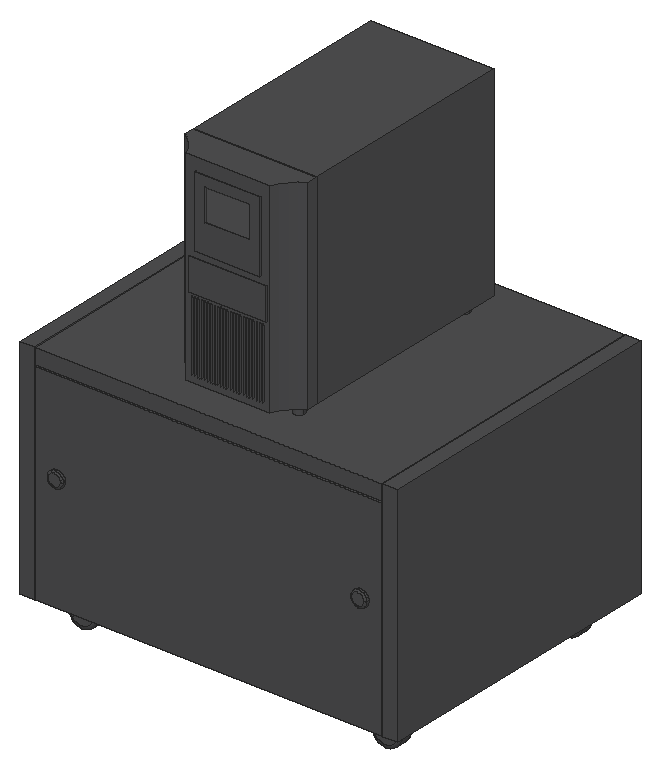
Revit family "Lighting_Emergency&Security_Linergy_Spy-control", category Electrical Fixtures, Revit 2018
Family settings
  Maintain Annotation Orientation = No
  Round Connector Dimension = Use Diameter
  Part Type = Normal
  OmniClass Number = 23.35.31.00
  OmniClass Title = Electrical Power Distribution Devices
  Work Plane-Based = No
  Always vertical = Yes
  Cut with Voids When Loaded = No
  Shared = No
  Room Calculation Point = No
Parameters (values of type "Default - please load Revit Family Type Catalog")
  z_upper unit location SC1811 = if(SC1811, 1620 mm, 860 mm)  # 860 mm
  z_upper unit location = if(SC1801_bottom part, 400 mm, if(SC1803_bottom part, 480 mm, if(SC1806, 860 mm, if(SC1807, 480 mm, 480 mm))))  # 400 mm
  z_upper unit location Y = if(SC1801_bottom part, 0 mm, if(SC1803_bottom part, 0 mm, if(SC1806, 77.5 mm, if(SC1807, 77.5 mm, if(SC1805_upper part, 0 mm, 22.5 mm)))))  # 0 mm
  z_MEP loction = if(or(SC1801_bottom part, SC1803_bottom part, SC1805_upper part), 197.5 mm, 275 mm)  # 197.5 mm
  Wheels material = Linergy - Plastic - Nylon Black
  Voltage = 230 V
  URL - Article page = "https://www.linergy.it/en/article/SC1801/"
  URL = "https://www.linergy.it/en/product/spy-control/"
  Technical description = "https://www.linergy.it/en/product/spy-control/"
  Secondary material = Linergy - Plastic - Nylon Black
  Screen material = Linergy - Plastic - Polycarbonate Transparent high polished
  SC1811 = no
  SC1810_upper part = no
  SC1807 = no
  SC1805_upper part = no
  SC1801_upper part = yes
  SC1803_bottom part = no
  SC1801_bottom part = yes
  QR code = "https://bimobject.com/linergy/product/spy-control"
  Product url = "https://www.linergy.it/en/product/spy-control/"
  Product name = "SPY CONTROL - Centralized system"
  Product group = "Centralized power supply (CPS) and control"
  Product family = "Centralized systems"
  Product data url = "https://bimobject.com/linergy/product/spy-control"
  Product certification = "https://www.linergy.it/en/product/spy-control/"
  Product SKU = "spy-control"
  Product Guid = "b7d6e35e-f043-4996-a94b-c3f62f6cd469"
  Power supply = "230 Vac"
  Power = 800 W
  Output voltage = "230 Vac"
  Output circuits = "3 (NM/M)"
  OmniClass Description = "Electrical Power Distribution Devices"
  OmniClass Code = "23-35 31 00"
  Number of Poles = 1
  Nominal Power = 1000 VA
  Model = "SC1801"
  Material secondary = "Electronic & optical components"
  Material main = "Electrogalvanized"
  Manufacturer name = "Linergy"
  Manufacturer country = "Italy"
  Manufacturer = "Linergy"
  Main material texture = Linergy - Metal - Steel Powder-coated Black RAL 9005 texture 2
  Main material = Linergy - Metal - Steel Powder-coated Black RAL 9005
  Insulation class = "I"
  Installation instructions = "https://www.linergy.it/en/product/spy-control/"
  Installation = "Floor"
  IFC Classification = "Electric Distribution"
  Edition number = 1
  Duration = "1 h"
  Design country = "Italy"
  Description = "Central power systems with control, for emergency installations with self-contained and central battery luminaires."  # constant formula
  Battery = "3 x Pb 12 V"
  BIMobject category = "Emergency & Security"
  Apparent Load Phase 3 = 0 VA
  Apparent Load Phase 2 = 0 VA
  Apparent Load Phase 1 = 0 VA
  Active power = 1000 W
  SC1806 = no
Reference planes
  plane 1 "Center (Front/Back)": y = 0
  plane 2: z = 0
  plane 3 "Center (Left/Right)": x = 0
  plane 4: z = 400
  plane 5: y = 0
  plane 6: y = 25
  plane 7: z = 860
  plane 8: y = 197.5
  plane 9: y = 197.5
  plane 10: y = 182.5
Forms (mm)
  Extrusion 1, solid, not visible
    sketch origin (0, 0, 0) x (1, 0, 0) y (0, 0, 1)
      loop
        line (95, 400) -> (95, 620) -> (-65, 620) -> (-65, 400) -> (95, 400)
    from -197.5 to -182.5
Dimensions and locks
  "z_upper unit location": level to plane 4
  "z_upper unit location Y": plane 1 "Center (Front/Back)" to plane 5
  plane 1 "Center (Front/Back)" to plane 6 = 25 mm
  "z_upper unit location SC1811": plane 7 to level
  "z_MEP loction": plane 9 to plane 1 "Center (Front/Back)"
  locked: plane 9 to plane 10 at 15
  aligned and locked: level to plane 2
  aligned and locked: nested 2 to plane 4
  aligned and locked: plane 5 to nested 2
  aligned and locked: plane 6 to nested 4
  aligned and locked: plane 3 "Center (Left/Right)" to nested 5
  aligned and locked: plane 7 to nested 4
  aligned and locked: plane 3 "Center (Left/Right)" to nested 6
  aligned and locked: plane 3 "Center (Left/Right)" to nested 7
  aligned and locked: plane 1 "Center (Front/Back)" to nested 7
  aligned and locked: plane 1 "Center (Front/Back)" to nested 8
  aligned and locked: plane 3 "Center (Left/Right)" to nested 8
  aligned and locked: plane 3 "Center (Left/Right)" to nested 9
  aligned and locked: plane 1 "Center (Front/Back)" to nested 9
  aligned and locked: plane 3 "Center (Left/Right)" to nested 11
  aligned and locked: plane 1 "Center (Front/Back)" to nested 11
  aligned and locked: plane 5 to nested 6
  aligned and locked: plane 3 "Center (Left/Right)" to nested 12
  aligned and locked: plane 4 to Extrusion 1 sketch curve
  aligned and locked: plane 9 to Extrusion 1
  aligned and locked: Extrusion 1 to plane 10
Automatic sketch dimensions
  Extrusion 1 sketch curve to plane 3 "Center (Left/Right)" = 65 mm
  plane 3 "Center (Left/Right)" to Extrusion 1 sketch curve = 95 mm
  plane 4 to Extrusion 1 sketch curve = 220 mm
Nested families
  nested 1: "Base_1801_1803" at (0, 0, 0), Wheels material <- "Wheels material", Main material <- "Main material", SC1801 <- "SC1801_bottom part", SC1803 <- "SC1803_bottom part", Main material texture <- "Main material texture", type "Base"
    with z_lock location Z 230 mm, z_lock location X 57.5 mm, z_Void location 180 mm, geometry yes, Width 585 mm, Wheels material Linergy - Plastic - Nylon Black, SC1803 no, SC1801 yes, Main material texture Linergy - Metal - Steel Powder-coated Black RAL 9005 texture 2, Main material Linergy - Metal - Steel Powder-coated Black RAL 9005, Height 350 mm, Depth 470 mm
  nested 2: "Upper_1801" at (0, 0, 400), Secondary material <- "Secondary material", Main material <- "Main material", Screen material <- "Screen material", SC1801 <- "SC1801_upper part", type "Upper"
    with Width_upper 190 mm, Secondary material Linergy - Plastic - Nylon Black, Screen material Linergy - Plastic - Polycarbonate Transparent high polished, SC1801 yes, Main material Linergy - Metal - Steel Powder-coated Black RAL 9005, Height_upper 315 mm, Depth_upper 395 mm
  nested 3: "Base_1807" at (0, 0, 0), SC1807 <- "SC1807", Main material <- "Main material", Main material texture <- "Main material texture", Wheels material <- "Wheels material", type "Base_1807"
    with Wheels material Linergy - Plastic - Nylon Black, SC1807 no, Main material texture Linergy - Metal - Steel Powder-coated Black RAL 9005 texture 2, Main material Linergy - Metal - Steel Powder-coated Black RAL 9005
  nested 4: "Upper_1810" at (0, 25, 860), Main material <- "Main material", Screen material <- "Screen material", Secondary material <- "Secondary material", SC1810 <- "SC1810_upper part", type "Upper_1810"
    with Secondary material Linergy - Plastic - Nylon Black, Screen material Linergy - Plastic - Polycarbonate Transparent high polished, SC1810 no, Main material Linergy - Metal - Steel Powder-coated Black RAL 9005
  nested 5: "Base_1811" at (0, 0, 0), Main material <- "Main material", Wheels material <- "Wheels material", SC1811 <- "SC1811", Main material texture <- "Main material texture", type "Base_1811"
    with Wheels material Linergy - Plastic - Nylon Black, SC1811 no, Main material texture Linergy - Metal - Steel Powder-coated Black RAL 9005 texture 2, Main material Linergy - Metal - Steel Powder-coated Black RAL 9005
  nested 6: "Masking region SC1801_upper" at (0, 0, 0), visible <- "SC1801_upper part", type "Family1"
  nested 7: "Masking region SC1801" at (0, 0, 0), visible <- "SC1801_bottom part", type "Family1"
  nested 8: "Masking region SC1803" at (0, 0, 0), visible <- "SC1803_bottom part", type "Family1"
  nested 9: "Masking region SC1807" at (0, 0, 0), visible <- "SC1807", type "Family1"
  nested 10: "Base_1806" at (0, 0, 0), Main material <- "Main material", Main material texture <- "Main material texture", Wheels material <- "Wheels material", SC1806 <- "SC1806", type "Base_1806"
    with Wheels material Linergy - Plastic - Nylon Black, SC1806 no, Main material texture Linergy - Metal - Steel Powder-coated Black RAL 9005 texture 2, Main material Linergy - Metal - Steel Powder-coated Black RAL 9005
  nested 11: "Masking region SC1803" at (0, 0, 0), visible <- "SC1806", type "Family1"
  nested 12: "Upper_1801" at (0, 0, 480), Main material <- "Main material", Screen material <- "Screen material", Secondary material <- "Secondary material", SC1801 <- "SC1805_upper part", type "Upper"
    with Width_upper 190 mm, Secondary material Linergy - Plastic - Nylon Black, Screen material Linergy - Plastic - Polycarbonate Transparent high polished, SC1801 no, Main material Linergy - Metal - Steel Powder-coated Black RAL 9005, Height_upper 315 mm, Depth_upper 395 mm
  nested 13: "Masking region SC1801_upper" at (0, 0, 0), visible <- "SC1805_upper part", type "Family1"
  nested 14: "Masking region SC1803" at (0, 0, 0), visible <- "SC1811", type "Family1"
  nested 15: "Masking region SC1811_upper" at (0, 77.5, 0), type "Family1", not visible
  nested 16: "Masking region SC1811_upper" at (0, 77.5, 0), visible <- "SC1810_upper part", type "Family1"
Connectors
  electrical at (15, 197.5, 510), driven by "Apparent Load Phase 1", driven by "Voltage", driven by "Number of Poles"
    settings: on Extrusion 1, index 1, voltage 230 V, apparent load 0 VA, apparent load phase1 0 VA, apparent load phase2 0 VA, apparent load phase3 0 VA, power factor 1, load classification "Power", number of poles 1, system type 31, power factor state 1, is connector primary yes, connector utility no, sub classification motor no, connector description "Power input"
Definition of nested family "Base_1801_1803"
  Parameters (values of type "Base")
    z_lock location Z [instance] = if(SC1801, 230 mm, 290 mm)  # 230 mm
    z_lock location X [instance] = if(SC1801, 57.5 mm, 105 mm)  # 57.5 mm
    geometry [instance] = if(or((SC1803), (SC1801)), 1 = 1, 1 = 0)  # yes
    Width [instance] = if(SC1801, 585 mm, 770 mm)  # 585 mm
    Wheels material [instance] = none
    z_Void location [instance] = if(SC1801, 180 mm, 190 mm)  # 180 mm
    SC1803 [instance] = no
    SC1801 [instance] = yes
    Main material texture [instance] = none
    Main material [instance] = none
    Height [instance] = if(SC1801, 350 mm, 430 mm)  # 350 mm
    Depth [instance] = if(SC1801, 470 mm, 550 mm)  # 470 mm
  Reference planes
    plane 1 "Center (Front/Back)": y = 0
    plane 2: z = 0
    plane 3 "Center (Left/Right)": x = 0
    plane 4: x = 292.5
    plane 5: x = -292.5
    plane 6: y = 235
    plane 7: z = 50
    plane 8: z = 400
    plane 9: z = 217.5
    plane 10: z = 230
    plane 11: x = -235
    plane 12: y = -187.5
    plane 13: y = -162.5
    plane 14: y = -235
    plane 15: y = -230
    plane 16: z = 180
    plane 17: y = 237
    plane 18: y = -237
    plane 19: y = 232
    plane 20: y = -238
    plane 21: y = -240
    plane 22: y = 187.5
    plane 23: y = 162.5
    plane 24: y = 238
    plane 25: y = 240
    plane 26: x = -235
    plane 27: x = 235
    plane 28: z = 398
    plane 29: x = -270
    plane 30: x = -268
    plane 31: x = 270
    plane 32: x = 268
    plane 33: z = 375.7
    plane 34: z = 373.7
    plane 35: y = -225
    plane 36: y = 225
  Forms (mm)
    Extrusion 1, solid, material <- "Main material", visible <- "geometry", detail levels fine
      sketch origin (0, 0, 0) x (1, 0, 0) y (0, 0, 1)
        loop
          circle (-235, 230) r 12.5
        loop
          circle (235, 230) r 12.5
      from 235 to 238
    Extrusion 2, solid, material <- "Main material", visible <- "geometry", detail levels fine
      sketch origin (0, 0, 0) x (1, 0, 0) y (0, 0, -1)
        loop
          circle (-235, -230) r 12.5
        loop
          circle (235, -230) r 12.5
      from 235 to 238
    Blend 3, solid, material <- "Main material", visible <- "geometry", detail levels fine
      base sketch origin (0, 0, 0) x (1, 0, 0) y (0, 0, 1)
        loop
          circle (-235, 230) r 12.5
      top sketch origin (0, 0, 0) x (1, 0, 0) y (0, 0, 1)
        loop
          circle (-235, 230) r 9.5
      from 238 to 240
    Blend 4, solid, material <- "Main material", visible <- "geometry", detail levels fine
      base sketch origin (0, 0, 0) x (-1, 0, 0) y (0, 0, -1)
        loop
          circle (-235, -230) r 12.5
      top sketch origin (0, 0, 0) x (-1, 0, 0) y (0, 0, -1)
        loop
          circle (-235, -230) r 9.5
      from 238 to 240
    Extrusion 5, solid, material <- "Main material", visible <- "geometry", detail levels fine
      sketch origin (0, 0, 0) x (1, 0, 0) y (0, 0, -1)
        loop
          circle (-235, -230) r 12.5
        loop
          circle (235, -230) r 12.5
      from 235 to 238
    Blend 6, solid, material <- "Main material", visible <- "geometry", detail levels fine
      base sketch origin (0, 0, 0) x (1, 0, 0) y (0, 0, -1)
        loop
          circle (-235, -230) r 12.5
      top sketch origin (0, 0, 0) x (1, 0, 0) y (0, 0, -1)
        loop
          circle (-235, -230) r 9.5
      from 238 to 240
    Blend 7, solid, material <- "Main material", visible <- "geometry", detail levels fine
      base sketch origin (0, 0, 0) x (-1, 0, 0) y (0, 0, 1)
        loop
          circle (-235, 230) r 12.5
      top sketch origin (0, 0, 0) x (-1, 0, 0) y (0, 0, 1)
        loop
          circle (-235, 230) r 9.5
      from 238 to 240
    Extrusion 8, solid, material <- "Main material", visible <- "geometry"
      sketch origin (0, 0, 0) x (1, 0, 0) y (0, 1, 0)
        loop
          line (281.2, 200) -> (201.2, 200) -> (201.2, 150) -> (281.2, 150) -> (281.2, 200)
        loop
          line (281.2, -200) -> (281.2, -150) -> (201.2, -150) -> (201.2, -200) -> (281.2, -200)
        loop
          line (-281.2, 200) -> (-281.2, 150) -> (-201.2, 150) -> (-201.2, 200) -> (-281.2, 200)
        loop
          line (-281.2, -200) -> (-201.2, -200) -> (-201.2, -150) -> (-281.2, -150) -> (-281.2, -200)
      from 45 to 50
    Extrusion 9, solid, material <- "Wheels material", visible <- "geometry", detail levels coarse+medium
      sketch origin (0, 0, 0) x (1, 0, 0) y (0, 0, 1)
        loop
          circle (-235, 22.57) r 22.57
      from 162.5 to 187.5
    Extrusion 10, solid, material <- "Wheels material", visible <- "geometry", detail levels coarse+medium
      sketch origin (0, 0, 0) x (-1, 0, 0) y (0, 0, -1)
        loop
          circle (-235, -22.57) r 22.57
      from 162.5 to 187.5
    Extrusion 11, solid, material <- "Wheels material", visible <- "geometry", detail levels coarse+medium
      sketch origin (0, 0, 0) x (1, 0, 0) y (0, 0, -1)
        loop
          circle (-235, -22.57) r 22.57
      from 162.5 to 187.5
    Extrusion 12, solid, material <- "Wheels material", visible <- "geometry", detail levels coarse+medium
      sketch origin (0, 0, 0) x (-1, 0, 0) y (0, 0, 1)
        loop
          circle (-235, 22.57) r 22.57
      from 162.5 to 187.5
    Revolve 13, solid, material <- "Wheels material", visible <- "geometry", detail levels fine
      sketch origin (0, 0, 22.5) x (1, 0, 0) y (0, 1, 0)
        loop
          line (-235, -187.5) -> (-217.43, -187.5)
          arc (-217.43, -187.5) -> (-213.894, -186.036) -> (-212.43, -182.5) r 5
          line (-212.43, -182.5) -> (-212.43, -167.5)
          arc (-212.43, -167.5) -> (-213.894, -163.964) -> (-217.43, -162.5) r 5
          line (-217.43, -162.5) -> (-235, -162.5) -> (-235, -187.5)
        axis (-235, -187.5) -> (-235, -162.5)
      angle from 0 to 360
    Revolve 14, solid, material <- "Wheels material", visible <- "geometry", detail levels fine
      sketch origin (0, 0, 22.5) x (-1, 0, 0) y (0, 1, 0)
        loop
          line (-235, -187.5) -> (-217.43, -187.5)
          arc (-217.43, -187.5) -> (-213.894, -186.036) -> (-212.43, -182.5) r 5
          line (-212.43, -182.5) -> (-212.43, -167.5)
          arc (-212.43, -167.5) -> (-213.894, -163.964) -> (-217.43, -162.5) r 5
          line (-217.43, -162.5) -> (-235, -162.5) -> (-235, -187.5)
        axis (-235, -187.5) -> (-235, -162.5)
      angle from 0 to 360
    Revolve 15, solid, material <- "Wheels material", visible <- "geometry", detail levels fine
      sketch origin (0, 0, 22.5) x (1, 0, 0) y (0, -1, 0)
        loop
          line (-235, -187.5) -> (-217.43, -187.5)
          arc (-217.43, -187.5) -> (-213.894, -186.036) -> (-212.43, -182.5) r 5
          line (-212.43, -182.5) -> (-212.43, -167.5)
          arc (-212.43, -167.5) -> (-213.894, -163.964) -> (-217.43, -162.5) r 5
          line (-217.43, -162.5) -> (-235, -162.5) -> (-235, -187.5)
        axis (-235, -187.5) -> (-235, -162.5)
      angle from 0 to 360
    Revolve 16, solid, material <- "Wheels material", visible <- "geometry", detail levels fine
      sketch origin (0, 0, 22.5) x (-1, 0, 0) y (0, -1, 0)
        loop
          line (-235, -187.5) -> (-217.43, -187.5)
          arc (-217.43, -187.5) -> (-213.894, -186.036) -> (-212.43, -182.5) r 5
          line (-212.43, -182.5) -> (-212.43, -167.5)
          arc (-212.43, -167.5) -> (-213.894, -163.964) -> (-217.43, -162.5) r 5
          line (-217.43, -162.5) -> (-235, -162.5) -> (-235, -187.5)
        axis (-235, -187.5) -> (-235, -162.5)
      angle from 0 to 360
    Extrusion 17, solid, material <- "Main material", visible <- "geometry", detail levels coarse+medium
      sketch origin (0, -5, 0) x (1, 0, 0) y (0, 0, 1)
        loop
          circle (-235, 230) r 12.5
        loop
          circle (235, 230) r 12.5
      from 235 to 230
    Extrusion 18, solid, material <- "Main material", visible <- "geometry", detail levels coarse+medium
      sketch origin (0, 5, 0) x (1, 0, 0) y (0, 0, -1)
        loop
          circle (-235, -230) r 12.5
        loop
          circle (235, -230) r 12.5
      from 235 to 230
    Extrusion 19, solid, material <- "Main material", visible <- "geometry", detail levels fine
      sketch origin (0, 0, 0) x (1, 0, 0) y (0, 1, 0)
        loop
          line (-292.5, 235) -> (-292.5, -235) -> (-270, -235) -> (-270, 235) -> (-292.5, 235)
      from 50 to 400
    Extrusion 20, solid, material <- "Main material texture", visible <- "geometry", detail levels fine
      sketch origin (0, 0, 0) x (1, 0, 0) y (0, 0, 1)
        loop
          line (-268, 373.7) -> (-268, 50) -> (268, 50) -> (268, 373.7) -> (-268, 373.7)
      from 225 to 235
    Extrusion 21, solid, material <- "Main material texture", visible <- "geometry", detail levels fine
      sketch origin (0, 266.414, 0) x (1, 0, 0) y (0, 0, 1)
        loop
          line (-268, 373.7) -> (-268, 50) -> (268, 50) -> (268, 373.7) -> (-268, 373.7)
      from 31.414 to 41.414
    Extrusion 22, solid, material <- "Main material", visible <- "geometry", detail levels fine
      sketch origin (0, 0, 0) x (-1, 0, 0) y (0, -1, 0)
        loop
          line (-292.5, -235) -> (-270, -235) -> (-270, 235) -> (-292.5, 235) -> (-292.5, -235)
      from 50 to 400
    Extrusion 23, solid, material <- "Main material", visible <- "geometry", detail levels coarse+medium
      sketch origin (0, 0, 0) x (1, 0, 0) y (0, 0, 1)
        loop
          line (-292.5, 398) -> (-292.5, 50) -> (292.5, 50) -> (292.5, 398) -> (-292.5, 398)
      from -235 to 235
    Extrusion 24, solid, material <- "Main material", visible <- "geometry", detail levels fine
      sketch origin (0, 0, 0) x (1, 0, 0) y (0, 0, 1)
        loop
          line (-268, 375.7) -> (268, 375.7) -> (268, 400) -> (-268, 400) -> (-268, 375.7)
      from -235 to 235
    Extrusion 25, solid, material <- "Main material", visible <- "geometry", detail levels fine
      sketch origin (-750, 0, 0) x (1, 0, 0) y (0, 0, 1)
        loop
          line (480, 398) -> (480, 50) -> (1020, 50) -> (1020, 398) -> (480, 398)
      from -225 to 225
  Dimensions and locks
    equal spacing: plane 5, plane 3 "Center (Left/Right)", plane 4
    "Width": plane 5 to plane 4
    locked: plane 7 to level at 50
    "Height": plane 8 to plane 7
    equal spacing: plane 14, plane 1 "Center (Front/Back)", plane 6
    "Depth": plane 6 to plane 14
    plane 5 to Extrusion 8 sketch curve to Extrusion 8 sketch curve = 11.3 mm locked, 80 mm locked
    Extrusion 8 sketch curve to Extrusion 8 sketch curve to plane 4 = 80 mm locked, 11.3 mm locked
    locked: plane 5 to plane 11 at 57.5
    "z_Void location": plane 16 to level
    plane 15 to plane 14 to plane 18 = 5 mm locked, 2 mm locked
    plane 17 to plane 6 to plane 19 = 2 mm locked, 3 mm locked
    plane 14 to plane 12 to plane 13 = 47.5 mm locked, 25 mm locked
    plane 21 to plane 20 to plane 14 = 2 mm locked, 3 mm locked
    plane 6 to plane 22 to plane 23 = 47.5 mm locked, 25 mm locked
    plane 25 to plane 24 to plane 6 = 2 mm locked, 3 mm locked
    plane 5 to plane 11 = 57.5 mm
    "z_lock location X": plane 5 to plane 26
    "z_lock location X": plane 4 to plane 27
    "z_lock location Z": plane 10 to level
    locked: plane 8 to plane 28 at 2
    plane 5 to plane 29 to plane 30 = 22.5 mm locked, 2 mm locked
    plane 4 to plane 31 to plane 32 = 22.5 mm locked, 2 mm locked
    plane 8 to plane 33 to plane 34 = 24.3 mm locked, 2 mm locked
    locked: plane 15 to plane 35 at 5
    locked: plane 19 to plane 36 at 7
    radius of Blend 3 sketch curve = 12.5 mm
    radius of Blend 6 sketch curve = 12.5 mm
    aligned and locked: level to plane 2
    aligned and locked: Extrusion 8 sketch curve to Extrusion 8 sketch curve  (x4)
    aligned and locked: Extrusion 19 sketch curve to plane 5
    aligned and locked: plane 21 to Extrusion 17
    aligned and locked: Extrusion 17 to plane 14
    aligned and locked: plane 21 to Blend 3
    aligned and locked: Blend 3 to plane 20
    aligned and locked: Extrusion 1 to Blend 3
    aligned and locked: Extrusion 1 to Extrusion 17
    aligned and locked: plane 12 to Extrusion 9
    aligned and locked: Extrusion 9 to plane 13
    aligned and locked: plane 22 to Extrusion 12
    aligned and locked: Extrusion 12 to plane 23
    aligned and locked: plane 25 to Extrusion 18
    aligned and locked: Extrusion 18 to plane 6
    aligned and locked: Extrusion 18 to Blend 7
    aligned and locked: Blend 7 to plane 24
    aligned and locked: plane 24 to Extrusion 5
    aligned and locked: Extrusion 5 to plane 6
    aligned and locked: Extrusion 18 to Blend 6
    aligned and locked: Blend 6 to Extrusion 5
    aligned and locked: Extrusion 2 to Extrusion 5
    aligned and locked: Extrusion 2 to plane 6
    aligned and locked: Extrusion 12 to Extrusion 11
    aligned and locked: Extrusion 11 to Extrusion 12
    aligned and locked: Extrusion 9 to Extrusion 10
    aligned and locked: Extrusion 10 to Extrusion 9
    aligned and locked: plane 27 to Extrusion 17 sketch curve
    aligned and locked: plane 26 to Extrusion 17 sketch curve
    aligned and locked: plane 10 to Extrusion 17 sketch curve
    aligned and locked: plane 10 to Blend 3 sketch curve  (x2)
    aligned and locked: plane 26 to Blend 3 sketch curve  (x2)
    aligned and locked: plane 26 to Extrusion 1 sketch curve
    aligned and locked: plane 27 to Extrusion 1 sketch curve
    aligned and locked: plane 10 to Extrusion 1 sketch curve
    aligned and locked: plane 10 to Extrusion 18 sketch curve  (x2)
    aligned and locked: plane 27 to Extrusion 18 sketch curve
    aligned and locked: plane 26 to Extrusion 18 sketch curve
    aligned and locked: plane 26 to Extrusion 5 sketch curve
    aligned and locked: plane 10 to Extrusion 5 sketch curve  (x2)
    aligned and locked: plane 27 to Extrusion 5 sketch curve
    aligned and locked: plane 26 to Extrusion 2 sketch curve
    aligned and locked: plane 10 to Extrusion 2 sketch curve  (x2)
    aligned and locked: plane 27 to Extrusion 2 sketch curve
    aligned and locked: plane 26 to Blend 6 sketch curve  (x2)
    aligned and locked: plane 10 to Blend 6 sketch curve  (x2)
    aligned and locked: plane 27 to Blend 4 sketch curve  (x2)
    aligned and locked: plane 10 to Blend 4 sketch curve  (x2)
    aligned and locked: plane 27 to Blend 7 sketch curve  (x2)
    aligned and locked: plane 10 to Blend 7 sketch curve  (x2)
    aligned and locked: Extrusion 17 to Blend 4
    aligned and locked: Blend 4 to Extrusion 1
    aligned and locked: Extrusion 20 to plane 35
    aligned and locked: plane 6 to Extrusion 21
    aligned and locked: Extrusion 21 to plane 36
    aligned and locked: Extrusion 19 to plane 29
    aligned and locked: plane 4 to Extrusion 22
    aligned and locked: Extrusion 22 to plane 31
    aligned and locked: Extrusion 23 sketch curve to plane 28
    aligned and locked: Extrusion 23 sketch curve to Extrusion 22
    aligned and locked: Extrusion 24 sketch curve to plane 33
    aligned and locked: plane 8 to Extrusion 24 sketch curve
    aligned and locked: plane 32 to Extrusion 24 sketch curve
    aligned and locked: plane 30 to Extrusion 24 sketch curve
    aligned and locked: plane 14 to Extrusion 24
    aligned and locked: plane 6 to Extrusion 24
    aligned and locked: Extrusion 22 to Extrusion 24
    aligned and locked: Extrusion 19 to Extrusion 24
    aligned and locked: Extrusion 20 to Extrusion 22
    aligned and locked: plane 4 to Extrusion 23
    aligned and locked: plane 36 to Extrusion 25
    aligned and locked: plane 35 to Extrusion 25
    aligned and locked: plane 31 to Extrusion 25
    aligned and locked: Extrusion 25 to Extrusion 19
    aligned and locked: plane 14 to Extrusion 20
    aligned and locked: plane 6 to Extrusion 23
    aligned and locked: plane 14 to Extrusion 23
  Automatic sketch dimensions
    Extrusion 1 sketch curve to plane 10 = 0 mm
    Blend 4 sketch curve to Blend 4 sketch curve = 12.5 mm
    Blend 7 sketch curve to Blend 7 sketch curve = 12.5 mm
    plane 12 to Extrusion 8 sketch curve = 12.5 mm  (x2)
    Extrusion 8 sketch curve to plane 13 = 12.5 mm  (x2)
    Extrusion 8 sketch curve to plane 23 = 12.5 mm  (x2)
    plane 22 to Extrusion 8 sketch curve = 12.5 mm  (x2)
    plane 11 to Extrusion 9 sketch curve = 0 mm
    level to Extrusion 9 sketch curve = 22.57 mm
    Extrusion 10 sketch curve to plane 27 = 0 mm
    Extrusion 10 sketch curve to level = 22.57 mm
    plane 11 to Extrusion 11 sketch curve = 0 mm
    level to Extrusion 11 sketch curve = 22.57 mm
    Extrusion 12 sketch curve to plane 27 = 0 mm
    level to Extrusion 12 sketch curve = 22.57 mm
    Revolve 13 sketch curve to plane 11 = 0 mm  (x2)
    plane 13 to Revolve 13 sketch curve = 0 mm
    plane 12 to Revolve 13 sketch curve = 0 mm
    Revolve 13 sketch curve to plane 12 = 5 mm
    Revolve 13 sketch curve to plane 11 = 17.57 mm
    Revolve 13 sketch curve to Revolve 13 sketch curve = 5 mm
    Revolve 13 sketch curve to plane 12 = 12.5 mm
    Revolve 13 sketch curve to plane 13 = 10.078 mm
    plane 12 to Revolve 14 sketch curve = 0 mm
    Revolve 14 sketch curve to plane 27 = 0 mm  (x2)
    plane 13 to Revolve 14 sketch curve = 0 mm
    plane 12 to Revolve 14 sketch curve = 5 mm
    plane 27 to Revolve 14 sketch curve = 17.57 mm
    Revolve 14 sketch curve to Revolve 14 sketch curve = 5 mm
    Revolve 14 sketch curve to Revolve 14 sketch curve = 12.5 mm
    Revolve 14 sketch curve to Revolve 14 sketch curve = 10.078 mm
    Revolve 15 sketch curve to plane 11 = 0 mm  (x2)
    Revolve 15 sketch curve to plane 23 = 0 mm
    Revolve 15 sketch curve to plane 22 = 0 mm
    plane 22 to Revolve 15 sketch curve = 5 mm
    plane 11 to Revolve 15 sketch curve = 17.57 mm
    Revolve 15 sketch curve to Revolve 15 sketch curve = 5 mm
    plane 22 to Revolve 15 sketch curve = 12.5 mm
    plane 23 to Revolve 15 sketch curve = 10.078 mm
    Revolve 16 sketch curve to plane 22 = 0 mm
    Revolve 16 sketch curve to plane 27 = 0 mm  (x2)
    Revolve 16 sketch curve to plane 23 = 0 mm
    Revolve 16 sketch curve to plane 22 = 5 mm
    Revolve 16 sketch curve to plane 27 = 17.57 mm
    Revolve 16 sketch curve to Revolve 16 sketch curve = 5 mm
    Revolve 16 sketch curve to Revolve 16 sketch curve = 12.5 mm
    Revolve 16 sketch curve to Revolve 16 sketch curve = 10.078 mm
    Extrusion 17 sketch curve to plane 10 = 0 mm
    Extrusion 19 sketch curve to plane 14 = 0 mm
    Extrusion 19 sketch curve to plane 29 = 0 mm
    Extrusion 19 sketch curve to plane 6 = 0 mm
    Extrusion 20 sketch curve to plane 7 = 0 mm
    plane 30 to Extrusion 20 sketch curve = 0 mm
    Extrusion 20 sketch curve to plane 32 = 0 mm
    Extrusion 20 sketch curve to plane 34 = 0 mm
    Extrusion 21 sketch curve to plane 7 = 0 mm
    plane 30 to Extrusion 21 sketch curve = 0 mm
    Extrusion 21 sketch curve to plane 32 = 0 mm
    Extrusion 21 sketch curve to plane 34 = 0 mm
    Extrusion 22 sketch curve to plane 4 = 0 mm
    Extrusion 22 sketch curve to plane 14 = 0 mm
    Extrusion 22 sketch curve to plane 31 = 0 mm
    Extrusion 22 sketch curve to plane 6 = 0 mm
    plane 5 to Extrusion 23 sketch curve = 0 mm
    Extrusion 23 sketch curve to plane 4 = 0 mm
    Extrusion 25 sketch curve to plane 7 = 0 mm
    Extrusion 25 sketch curve to plane 28 = 0 mm
    Extrusion 25 sketch curve to plane 5 = 22.5 mm
    Extrusion 25 sketch curve to plane 29 = 540 mm
    radius of Extrusion 1 sketch curve = 12.5 mm  (x2)
    radius of Extrusion 2 sketch curve = 12.5 mm  (x2)
    radius of Blend 3 sketch curve = 9.5 mm
    radius of Blend 4 sketch curve = 9.5 mm
    radius of Extrusion 5 sketch curve = 12.5 mm  (x2)
    radius of Blend 6 sketch curve = 9.5 mm
    radius of Blend 7 sketch curve = 9.5 mm
    radius of Extrusion 9 sketch curve = 22.57 mm
    radius of Extrusion 10 sketch curve = 22.57 mm
    radius of Extrusion 11 sketch curve = 22.57 mm
    radius of Extrusion 12 sketch curve = 22.57 mm
    radius of Extrusion 17 sketch curve = 12.5 mm  (x2)
    radius of Extrusion 18 sketch curve = 12.5 mm  (x2)
Definition of nested family "Upper_1801"
  Parameters (values of type "Upper")
    Width_upper [instance] = 190 mm
    Secondary material [instance] = none
    Screen material [instance] = none
    SC1801 [instance] = yes
    Main material [instance] = none
    Height_upper [instance] = 315 mm
    Depth_upper [instance] = 395 mm
  Reference planes
    plane 1 "Center (Front/Back)": y = 0
    plane 2: z = 0
    plane 3 "Center (Left/Right)": x = 0
    plane 4: x = 95
    plane 5: x = -95
    plane 6: y = 197.5
    plane 7: y = -197.5
    plane 8: z = 10
    plane 9: z = 325
    plane 10: y = -145.5
  Forms (mm)
    Extrusion 1, solid, material <- "Secondary material", visible <- "SC1801", detail levels fine
      sketch origin (0, 0, 0) x (1, 0, 0) y (0, 1, 0)
        loop
          line (-95, -145.5) -> (-95, -162.5)
          arc (-95, -162.5) -> (-76.838, -177.29) -> (-65, -197.5) r 65.861
          line (-65, -197.5) -> (65, -197.5)
          arc (65, -197.5) -> (76.838, -177.29) -> (95, -162.5) r 65.861
          line (95, -162.5) -> (95, -145.5) -> (-95, -145.5)
      from 10 to 325
    Extrusion 2, solid, material <- "Main material", visible <- "SC1801"
      sketch origin (0, 0, 0) x (1, 0, 0) y (0, 1, 0)
        loop
          circle (-80, 160) r 7.5
        loop
          circle (80, 160) r 7.5
        loop
          circle (-80, -160) r 7.5
        loop
          circle (80, -160) r 7.5
      from 0 to 10
    Extrusion 3, solid, material <- "Main material", visible <- "SC1801"
      sketch origin (0, 0, 0) x (1, 0, 0) y (0, 0, 1)
        loop
          line (-50, 305) -> (-50, 195) -> (50, 195) -> (50, 305) -> (-50, 305)
        loop
          line (35, 290) -> (-35, 290) -> (-35, 240) -> (35, 240) -> (35, 290)
      from 197.5 to 199.5
    Extrusion 4, solid, material <- "Screen material", visible <- "SC1801"
      sketch origin (0, 0, 0) x (1, 0, 0) y (0, 0, 1)
        loop
          line (-35, 240) -> (35, 240) -> (35, 290) -> (-35, 290) -> (-35, 240)
      from 197.5 to 199
    Extrusion 5, solid, material <- "Main material", visible <- "SC1801"
      sketch origin (0, 0, -85) x (1, 0, 0) y (0, 0, 1)
        loop
          line (60, 270) -> (-60, 270) -> (-60, 220) -> (60, 220) -> (60, 270)
      from 197.5 to 199.5
    Extrusion 6, void
      sketch origin (0, 0, 0) x (1, 0, 0) y (0, 0, 1)
        loop
          line (-56.5, 130) -> (-56.5, 20) -> (-53.5, 20) -> (-53.5, 130) -> (-56.5, 130)
        loop
          line (-51.5, 130) -> (-51.5, 20) -> (-48.5, 20) -> (-48.5, 130) -> (-51.5, 130)
        loop
          line (56.5, 130) -> (53.5, 130) -> (53.5, 20) -> (56.5, 20) -> (56.5, 130)
        loop
          line (51.5, 130) -> (48.5, 130) -> (48.5, 20) -> (51.5, 20) -> (51.5, 130)
        loop
          line (-43.5, 130) -> (-46.5, 130) -> (-46.5, 20) -> (-43.5, 20) -> (-43.5, 130)
        loop
          line (-33.5, 130) -> (-36.5, 130) -> (-36.5, 20) -> (-33.5, 20) -> (-33.5, 130)
        loop
          line (-38.5, 130) -> (-41.5, 130) -> (-41.5, 20) -> (-38.5, 20) -> (-38.5, 130)
        loop
          line (-13.5, 130) -> (-16.5, 130) -> (-16.5, 20) -> (-13.5, 20) -> (-13.5, 130)
        loop
          line (-18.5, 130) -> (-21.5, 130) -> (-21.5, 20) -> (-18.5, 20) -> (-18.5, 130)
        loop
          line (-26.5, 130) -> (-26.5, 20) -> (-23.5, 20) -> (-23.5, 130) -> (-26.5, 130)
        loop
          line (-31.5, 130) -> (-31.5, 20) -> (-28.5, 20) -> (-28.5, 130) -> (-31.5, 130)
        loop
          line (26.5, 130) -> (23.5, 130) -> (23.5, 20) -> (26.5, 20) -> (26.5, 130)
        loop
          line (21.5, 130) -> (18.5, 130) -> (18.5, 20) -> (21.5, 20) -> (21.5, 130)
        loop
          line (13.5, 130) -> (13.5, 20) -> (16.5, 20) -> (16.5, 130) -> (13.5, 130)
        loop
          line (3.5, 130) -> (3.5, 20) -> (6.5, 20) -> (6.5, 130) -> (3.5, 130)
        loop
          line (8.5, 130) -> (8.5, 20) -> (11.5, 20) -> (11.5, 130) -> (8.5, 130)
        loop
          line (-11.5, 130) -> (-11.5, 20) -> (-8.5, 20) -> (-8.5, 130) -> (-11.5, 130)
        loop
          line (-3.5, 130) -> (-6.5, 130) -> (-6.5, 20) -> (-3.5, 20) -> (-3.5, 130)
        loop
          line (1.5, 130) -> (-1.5, 130) -> (-1.5, 20) -> (1.5, 20) -> (1.5, 130)
        loop
          line (28.5, 130) -> (28.5, 20) -> (31.5, 20) -> (31.5, 130) -> (28.5, 130)
        loop
          line (36.5, 130) -> (33.5, 130) -> (33.5, 20) -> (36.5, 20) -> (36.5, 130)
        loop
          line (46.5, 130) -> (43.5, 130) -> (43.5, 20) -> (46.5, 20) -> (46.5, 130)
        loop
          line (41.5, 130) -> (38.5, 130) -> (38.5, 20) -> (41.5, 20) -> (41.5, 130)
      from 195.5 to 202.347
    Extrusion 7, solid, material <- "Secondary material", visible <- "SC1801", detail levels coarse+medium
      sketch origin (0, 0, 0) x (1, 0, 0) y (0, 1, 0)
        loop
          line (-95, -145.5) -> (-95, -162.5) -> (-65, -197.5) -> (65, -197.5) -> (95, -162.5) -> (95, -145.5) -> (-95, -145.5)
      from 10 to 325
    Extrusion 8, solid, material <- "Main material", visible <- "SC1801"
      sketch origin (0, 200, 0) x (1, 0, 0) y (0, 1, 0)
        loop
          line (-95, -2.5) -> (-95, -345.5) -> (95, -345.5) -> (95, -2.5) -> (-95, -2.5)
      from 10 to 325
  Cuts and joins
    Extrusion 6 cuts Extrusion 1
  Dimensions and locks
    equal spacing: plane 5, plane 3 "Center (Left/Right)", plane 4
    "Width_upper": plane 5 to plane 4
    equal spacing: plane 7, plane 1 "Center (Front/Back)", plane 6
    "Depth_upper": plane 6 to plane 7
    locked: plane 8 to plane 2 at 10
    "Height_upper": plane 9 to plane 8
    aligned and locked: level to plane 2
    aligned and locked: Extrusion 1 sketch curve to plane 5
    aligned and locked: Extrusion 1 sketch curve to plane 7
    aligned and locked: Extrusion 1 sketch curve to plane 4
  Automatic sketch dimensions
    Extrusion 1 sketch curve to plane 10 = 0 mm
    plane 5 to Extrusion 1 sketch curve = 31.843 mm
    Extrusion 1 sketch curve to plane 5 = 30 mm
    Extrusion 1 sketch curve to plane 4 = 30 mm
    plane 4 to Extrusion 1 sketch curve = 31.843 mm
    plane 7 to Extrusion 1 sketch curve = 22.651 mm  (x2)
    Extrusion 2 sketch curve to plane 5 = 15 mm  (x2)
    Extrusion 2 sketch curve to plane 4 = 15 mm  (x2)
    Extrusion 2 sketch curve to plane 10 = 14.5 mm  (x2)
    Extrusion 2 sketch curve to plane 6 = 37.5 mm  (x2)
    Extrusion 3 sketch curve to plane 9 = 20 mm
    Extrusion 3 sketch curve to plane 5 = 45 mm
    Extrusion 3 sketch curve to plane 3 "Center (Left/Right)" = 35 mm
    plane 3 "Center (Left/Right)" to Extrusion 3 sketch curve = 35 mm
    Extrusion 3 sketch curve to plane 4 = 45 mm
    Extrusion 3 sketch curve to Extrusion 3 sketch curve = 15 mm
    Extrusion 3 sketch curve to Extrusion 3 sketch curve = 50 mm
    Extrusion 3 sketch curve to Extrusion 3 sketch curve = 45 mm
    Extrusion 4 sketch curve to plane 3 "Center (Left/Right)" = 35 mm
    plane 3 "Center (Left/Right)" to Extrusion 4 sketch curve = 35 mm
    Extrusion 4 sketch curve to plane 9 = 85 mm
    Extrusion 4 sketch curve to plane 9 = 35 mm
    Extrusion 5 sketch curve to plane 5 = 35 mm
    Extrusion 5 sketch curve to plane 4 = 35 mm
    plane 8 to Extrusion 5 sketch curve = 125 mm
    Extrusion 5 sketch curve to Extrusion 5 sketch curve = 50 mm
    plane 8 to Extrusion 6 sketch curve = 10 mm  (x4)
    Extrusion 6 sketch curve to plane 5 = 38.5 mm
    Extrusion 6 sketch curve to Extrusion 6 sketch curve = 3 mm  (x22)
    Extrusion 6 sketch curve to Extrusion 6 sketch curve = 2 mm  (x21)
    Extrusion 6 sketch curve to plane 3 "Center (Left/Right)" = 1.5 mm
    plane 3 "Center (Left/Right)" to Extrusion 6 sketch curve = 1.5 mm
    Extrusion 6 sketch curve to Extrusion 6 sketch curve = 0 mm  (x41)
    Extrusion 6 sketch curve to Extrusion 6 sketch curve = 110 mm
    Extrusion 7 sketch curve to plane 5 = 0 mm
    plane 7 to Extrusion 7 sketch curve = 0 mm
    Extrusion 7 sketch curve to plane 4 = 0 mm
    Extrusion 7 sketch curve to plane 10 = 0 mm
    Extrusion 7 sketch curve to plane 5 = 30 mm
    Extrusion 7 sketch curve to plane 4 = 30 mm
    Extrusion 7 sketch curve to Extrusion 7 sketch curve = 17 mm
    Extrusion 7 sketch curve to plane 10 = 17 mm
    Extrusion 8 sketch curve to plane 5 = 0 mm
    Extrusion 8 sketch curve to plane 4 = 0 mm
    Extrusion 8 sketch curve to plane 10 = 0 mm
    Extrusion 8 sketch curve to plane 6 = 0 mm
    radius of Extrusion 2 sketch curve = 7.5 mm  (x4)
Definition of nested family "Base_1807"
  Parameters (values of type "Base_1807")
    z_lock location Z = 290 mm
    z_lock location X = 57.5 mm
    Width = 770 mm
    Wheels material [instance] = none
    z_Void location = 180 mm
    SC1807 [instance] = yes
    Main material texture [instance] = none
    Main material [instance] = none
    Height = 430 mm
    Depth = 550 mm
  Reference planes
    plane 1 "Center (Front/Back)": y = 0
    plane 2: z = 0
    plane 3 "Center (Left/Right)": x = 0
    plane 4: x = 385
    plane 5: x = -385
    plane 6: y = 275
    plane 7: z = 50
    plane 8: z = 480
    plane 9: z = 217.5
    plane 10: z = 290
    plane 11: x = -327.5
    plane 12: y = -227.5
    plane 13: y = -202.5
    plane 14: y = -275
    plane 15: y = -270
    plane 16: z = 180
    plane 17: y = 277
    plane 18: y = -277
    plane 19: y = 272
    plane 20: y = -278
    plane 21: y = -280
    plane 22: y = 227.5
    plane 23: y = 202.5
    plane 24: y = 278
    plane 25: y = 280
    plane 26: x = -327.5
    plane 27: x = 327.5
    plane 28: z = 478
    plane 29: z = 450
    plane 30: z = 448
    plane 31: x = -355
    plane 32: x = -353
    plane 33: x = 355
    plane 34: x = 353
  Forms (mm)
    Extrusion 1, solid, material <- "Main material", visible <- "SC1807", detail levels fine
      sketch origin (0, 0, 0) x (1, 0, 0) y (0, 1, 0)
        loop
          line (-385, 275) -> (-385, -275) -> (-355, -275) -> (-355, 275) -> (-385, 275)
      from 50 to 480
    Extrusion 2, solid, material <- "Main material", visible <- "SC1807", detail levels fine
      sketch origin (0, 0, 0) x (1, 0, 0) y (0, 0, 1)
        loop
          circle (-327.5, 290) r 12.5
        loop
          circle (327.5, 290) r 12.5
      from 275 to 278
    Extrusion 3, solid, material <- "Main material", visible <- "SC1807", detail levels fine
      sketch origin (0, 0, 0) x (1, 0, 0) y (0, 0, -1)
        loop
          circle (-327.5, -290) r 12.5
        loop
          circle (327.5, -290) r 12.5
      from 275 to 278
    Blend 4, solid, material <- "Main material", visible <- "SC1807", detail levels fine
      base sketch origin (0, 0, 0) x (1, 0, 0) y (0, 0, 1)
        loop
          circle (-327.5, 290) r 12.5
      top sketch origin (0, 0, 0) x (1, 0, 0) y (0, 0, 1)
        loop
          circle (-327.5, 290) r 9.5
      from 278 to 280
    Blend 5, solid, material <- "Main material", visible <- "SC1807", detail levels fine
      base sketch origin (0, 0, 0) x (-1, 0, 0) y (0, 0, -1)
        loop
          circle (-327.5, -290) r 12.5
      top sketch origin (0, 0, 0) x (-1, 0, 0) y (0, 0, -1)
        loop
          circle (-327.5, -290) r 9.5
      from 278 to 280
    Extrusion 6, solid, material <- "Main material", visible <- "SC1807", detail levels fine
      sketch origin (0, 0, 0) x (1, 0, 0) y (0, 0, -1)
        loop
          circle (-327.5, -290) r 12.5
        loop
          circle (327.5, -290) r 12.5
      from 275 to 278
    Blend 7, solid, material <- "Main material", visible <- "SC1807", detail levels fine
      base sketch origin (0, 0, 0) x (1, 0, 0) y (0, 0, -1)
        loop
          circle (-327.5, -290) r 12.5
      top sketch origin (0, 0, 0) x (1, 0, 0) y (0, 0, -1)
        loop
          circle (-327.5, -290) r 9.5
      from 278 to 280
    Blend 8, solid, material <- "Main material", visible <- "SC1807", detail levels fine
      base sketch origin (0, 0, 0) x (-1, 0, 0) y (0, 0, 1)
        loop
          circle (-327.5, 290) r 12.5
      top sketch origin (0, 0, 0) x (-1, 0, 0) y (0, 0, 1)
        loop
          circle (-327.5, 290) r 9.5
      from 278 to 280
    Extrusion 9, solid, material <- "Main material", visible <- "SC1807"
      sketch origin (0, 0, 0) x (1, 0, 0) y (0, 1, 0)
        loop
          line (373.7, 240) -> (293.7, 240) -> (293.7, 190) -> (373.7, 190) -> (373.7, 240)
        loop
          line (373.7, -240) -> (373.7, -190) -> (293.7, -190) -> (293.7, -240) -> (373.7, -240)
        loop
          line (-373.7, 240) -> (-373.7, 190) -> (-293.7, 190) -> (-293.7, 240) -> (-373.7, 240)
        loop
          line (-373.7, -240) -> (-293.7, -240) -> (-293.7, -190) -> (-373.7, -190) -> (-373.7, -240)
      from 45 to 50
    Extrusion 10, solid, material <- "Wheels material", visible <- "SC1807", detail levels coarse+medium
      sketch origin (0, 0, 0) x (1, 0, 0) y (0, 0, 1)
        loop
          circle (-327.5, 22.57) r 22.57
      from 202.5 to 227.5
    Extrusion 11, solid, material <- "Wheels material", visible <- "SC1807", detail levels coarse+medium
      sketch origin (0, 0, 0) x (-1, 0, 0) y (0, 0, -1)
        loop
          circle (-327.5, -22.57) r 22.57
      from 202.5 to 227.5
    Extrusion 12, solid, material <- "Wheels material", visible <- "SC1807", detail levels coarse+medium
      sketch origin (0, 0, 0) x (1, 0, 0) y (0, 0, -1)
        loop
          circle (-327.5, -22.57) r 22.57
      from 202.5 to 227.5
    Extrusion 13, solid, material <- "Wheels material", visible <- "SC1807", detail levels coarse+medium
      sketch origin (0, 0, 0) x (-1, 0, 0) y (0, 0, 1)
        loop
          circle (-327.5, 22.57) r 22.57
      from 202.5 to 227.5
    Revolve 14, solid, material <- "Wheels material", visible <- "SC1807", detail levels fine
      sketch origin (0, 0, 22.5) x (1, 0, 0) y (0, 1, 0)
        loop
          line (-327.5, -227.5) -> (-309.93, -227.5)
          arc (-309.93, -227.5) -> (-306.394, -226.036) -> (-304.93, -222.5) r 5
          line (-304.93, -222.5) -> (-304.93, -207.5)
          arc (-304.93, -207.5) -> (-306.394, -203.964) -> (-309.93, -202.5) r 5
          line (-309.93, -202.5) -> (-327.5, -202.5) -> (-327.5, -227.5)
        axis (-327.5, -227.5) -> (-327.5, -202.5)
      angle from 0 to 360
    Revolve 15, solid, material <- "Wheels material", visible <- "SC1807", detail levels fine
      sketch origin (0, 0, 22.5) x (-1, 0, 0) y (0, 1, 0)
        loop
          line (-327.5, -227.5) -> (-309.93, -227.5)
          arc (-309.93, -227.5) -> (-306.394, -226.036) -> (-304.93, -222.5) r 5
          line (-304.93, -222.5) -> (-304.93, -207.5)
          arc (-304.93, -207.5) -> (-306.394, -203.964) -> (-309.93, -202.5) r 5
          line (-309.93, -202.5) -> (-327.5, -202.5) -> (-327.5, -227.5)
        axis (-327.5, -227.5) -> (-327.5, -202.5)
      angle from 0 to 360
    Revolve 16, solid, material <- "Wheels material", visible <- "SC1807", detail levels fine
      sketch origin (0, 0, 22.5) x (1, 0, 0) y (0, -1, 0)
        loop
          line (-327.5, -227.5) -> (-309.93, -227.5)
          arc (-309.93, -227.5) -> (-306.394, -226.036) -> (-304.93, -222.5) r 5
          line (-304.93, -222.5) -> (-304.93, -207.5)
          arc (-304.93, -207.5) -> (-306.394, -203.964) -> (-309.93, -202.5) r 5
          line (-309.93, -202.5) -> (-327.5, -202.5) -> (-327.5, -227.5)
        axis (-327.5, -227.5) -> (-327.5, -202.5)
      angle from 0 to 360
    Revolve 17, solid, material <- "Wheels material", visible <- "SC1807", detail levels fine
      sketch origin (0, 0, 22.5) x (-1, 0, 0) y (0, -1, 0)
        loop
          line (-327.5, -227.5) -> (-309.93, -227.5)
          arc (-309.93, -227.5) -> (-306.394, -226.036) -> (-304.93, -222.5) r 5
          line (-304.93, -222.5) -> (-304.93, -207.5)
          arc (-304.93, -207.5) -> (-306.394, -203.964) -> (-309.93, -202.5) r 5
          line (-309.93, -202.5) -> (-327.5, -202.5) -> (-327.5, -227.5)
        axis (-327.5, -227.5) -> (-327.5, -202.5)
      angle from 0 to 360
    Extrusion 18, solid, material <- "Main material", visible <- "SC1807", detail levels coarse+medium
      sketch origin (0, -5, 0) x (1, 0, 0) y (0, 0, 1)
        loop
          circle (-327.5, 290) r 12.5
        loop
          circle (327.5, 290) r 12.5
      from 275 to 270
    Extrusion 19, solid, material <- "Main material", visible <- "SC1807", detail levels coarse+medium
      sketch origin (0, 5, 0) x (1, 0, 0) y (0, 0, -1)
        loop
          circle (-327.5, -290) r 12.5
        loop
          circle (327.5, -290) r 12.5
      from 275 to 270
    Extrusion 20, solid, material <- "Main material", visible <- "SC1807", detail levels coarse+medium
      sketch origin (0, 0, 0) x (1, 0, 0) y (0, 1, 0)
        loop
          line (-385, 275) -> (-385, -275) -> (385, -275) -> (385, 275) -> (-385, 275)
      from 50 to 480
    Extrusion 21, solid, material <- "Main material texture", visible <- "SC1807", detail levels fine
      sketch origin (0, 0, 0) x (1, 0, 0) y (0, 0, 1)
        loop
          line (-353, 448) -> (-353, 50) -> (353, 50) -> (353, 448) -> (-353, 448)
      from 270 to 275
    Extrusion 22, solid, material <- "Main material texture", visible <- "SC1807", detail levels fine
      sketch origin (0, 547, 0) x (1, 0, 0) y (0, 0, 1)
        loop
          line (-353, 448) -> (-353, 50) -> (353, 50) -> (353, 448) -> (-353, 448)
      from 272 to 275
    Extrusion 23, solid, material <- "Main material", visible <- "SC1807", detail levels fine
      sketch origin (0, 0, 0) x (-1, 0, 0) y (0, -1, 0)
        loop
          line (-385, -275) -> (-355, -275) -> (-355, 275) -> (-385, 275) -> (-385, -275)
      from 50 to 480
    Extrusion 24, solid, material <- "Main material", visible <- "SC1807", detail levels fine
      sketch origin (-285, 0, 0) x (-1, 0, 0) y (0, -1, 0)
        loop
          line (-640, -272) -> (70, -272) -> (70, 270) -> (-640, 270) -> (-640, -272)
      from 50 to 478
    Extrusion 25, solid, material <- "Main material", visible <- "SC1807", detail levels fine
      sketch origin (-285, 0, 900) x (0, 1, 0) y (-1, 0, 0)
        loop
          line (275, -638) -> (275, 68) -> (-275, 68) -> (-275, -638) -> (275, -638)
      from -450 to -420
  Cuts and joins
    joined: Extrusion 1, Extrusion 23, Extrusion 24
  Dimensions and locks
    equal spacing: plane 5, plane 3 "Center (Left/Right)", plane 4
    "Width": plane 5 to plane 4
    locked: plane 7 to level at 50
    "Height": plane 8 to plane 7
    equal spacing: plane 14, plane 1 "Center (Front/Back)", plane 6
    "Depth": plane 6 to plane 14
    plane 5 to Extrusion 9 sketch curve to Extrusion 9 sketch curve = 11.3 mm locked, 80 mm locked
    Extrusion 9 sketch curve to Extrusion 9 sketch curve to plane 4 = 80 mm locked, 11.3 mm locked
    locked: plane 5 to plane 11 at 57.5
    "z_Void location": plane 16 to level
    plane 15 to plane 14 to plane 18 = 5 mm locked, 2 mm locked
    plane 17 to plane 6 to plane 19 = 2 mm locked, 3 mm locked
    plane 14 to plane 12 to plane 13 = 47.5 mm locked, 25 mm locked
    plane 21 to plane 20 to plane 14 = 2 mm locked, 3 mm locked
    plane 6 to plane 22 to plane 23 = 47.5 mm locked, 25 mm locked
    plane 25 to plane 24 to plane 6 = 2 mm locked, 3 mm locked
    plane 5 to plane 11 = 57.5 mm
    "z_lock location X": plane 5 to plane 26
    "z_lock location X": plane 4 to plane 27
    "z_lock location Z": plane 10 to level
    plane 5 to plane 31 to plane 32 = 30 mm locked, 2 mm
    plane 4 to plane 33 to plane 34 = 30 mm locked, 2 mm locked
    locked: plane 8 to plane 28 at 2
    plane 8 to plane 29 to plane 30 = 30 mm locked, 2 mm locked
    radius of Blend 4 sketch curve = 12.5 mm
    radius of Blend 7 sketch curve = 12.5 mm
    aligned and locked: level to plane 2
    aligned and locked: Extrusion 1 sketch curve to plane 6
    aligned and locked: Extrusion 1 sketch curve to plane 5
    aligned and locked: Extrusion 9 sketch curve to Extrusion 9 sketch curve  (x4)
    aligned and locked: Extrusion 20 sketch curve to plane 4
    aligned and locked: Extrusion 20 sketch curve to plane 5
    aligned and locked: Extrusion 20 to plane 8
    aligned and locked: Extrusion 18 to plane 21
    aligned and locked: Extrusion 18 to plane 14
    aligned and locked: Extrusion 20 to plane 14
    aligned and locked: Blend 4 to plane 21
    aligned and locked: plane 20 to Blend 4
    aligned and locked: Extrusion 2 to Blend 4
    aligned and locked: Extrusion 2 to Extrusion 18
    aligned and locked: plane 12 to Extrusion 10
    aligned and locked: Extrusion 10 to plane 13
    aligned and locked: plane 22 to Extrusion 13
    aligned and locked: Extrusion 13 to plane 23
    aligned and locked: plane 25 to Extrusion 19
    aligned and locked: Extrusion 19 to plane 6
    aligned and locked: Extrusion 19 to Blend 8
    aligned and locked: Blend 8 to plane 24
    aligned and locked: plane 24 to Extrusion 6
    aligned and locked: Extrusion 6 to plane 6
    aligned and locked: Extrusion 19 to Blend 7
    aligned and locked: Blend 7 to Extrusion 6
    aligned and locked: Extrusion 3 to Extrusion 6
    aligned and locked: Extrusion 3 to plane 6
    aligned and locked: Extrusion 13 to Extrusion 12
    aligned and locked: Extrusion 12 to Extrusion 13
    aligned and locked: Extrusion 10 to Extrusion 11
    aligned and locked: Extrusion 11 to Extrusion 10
    aligned and locked: plane 27 to Extrusion 18 sketch curve
    aligned and locked: plane 26 to Extrusion 18 sketch curve
    aligned and locked: plane 10 to Extrusion 18 sketch curve
    aligned and locked: plane 10 to Blend 4 sketch curve  (x2)
    aligned and locked: plane 26 to Blend 4 sketch curve  (x2)
    aligned and locked: plane 26 to Extrusion 2 sketch curve
    aligned and locked: plane 27 to Extrusion 2 sketch curve
    aligned and locked: plane 10 to Extrusion 2 sketch curve
    aligned and locked: plane 10 to Extrusion 19 sketch curve  (x2)
    aligned and locked: plane 27 to Extrusion 19 sketch curve
    aligned and locked: plane 26 to Extrusion 19 sketch curve
    aligned and locked: plane 26 to Extrusion 6 sketch curve
    aligned and locked: plane 10 to Extrusion 6 sketch curve  (x2)
    aligned and locked: plane 27 to Extrusion 6 sketch curve
    aligned and locked: plane 26 to Extrusion 3 sketch curve
    aligned and locked: plane 10 to Extrusion 3 sketch curve  (x2)
    aligned and locked: plane 27 to Extrusion 3 sketch curve
    aligned and locked: plane 26 to Blend 7 sketch curve  (x2)
    aligned and locked: plane 10 to Blend 7 sketch curve  (x2)
    aligned and locked: plane 27 to Blend 5 sketch curve  (x2)
    aligned and locked: plane 10 to Blend 5 sketch curve  (x2)
    aligned and locked: plane 27 to Blend 8 sketch curve  (x2)
    aligned and locked: plane 10 to Blend 8 sketch curve  (x2)
    aligned and locked: Extrusion 18 to Blend 5
    aligned and locked: Blend 5 to Extrusion 2
    aligned and locked: Extrusion 21 to plane 14
    aligned and locked: Extrusion 21 to plane 15
    aligned and locked: Extrusion 1 to plane 31
  Automatic sketch dimensions
    Extrusion 1 sketch curve to plane 14 = 0 mm
    Extrusion 1 sketch curve to plane 31 = 0 mm
    Extrusion 2 sketch curve to plane 10 = 0 mm
    Blend 5 sketch curve to Blend 5 sketch curve = 12.5 mm
    Blend 8 sketch curve to Blend 8 sketch curve = 12.5 mm
    plane 12 to Extrusion 9 sketch curve = 12.5 mm  (x2)
    Extrusion 9 sketch curve to plane 13 = 12.5 mm  (x2)
    Extrusion 9 sketch curve to plane 23 = 12.5 mm  (x2)
    plane 22 to Extrusion 9 sketch curve = 12.5 mm  (x2)
    plane 11 to Extrusion 10 sketch curve = 0 mm
    level to Extrusion 10 sketch curve = 22.57 mm
    Extrusion 11 sketch curve to plane 27 = 0 mm
    Extrusion 11 sketch curve to level = 22.57 mm
    plane 11 to Extrusion 12 sketch curve = 0 mm
    level to Extrusion 12 sketch curve = 22.57 mm
    Extrusion 13 sketch curve to plane 27 = 0 mm
    level to Extrusion 13 sketch curve = 22.57 mm
    Revolve 14 sketch curve to plane 11 = 0 mm  (x2)
    plane 13 to Revolve 14 sketch curve = 0 mm
    plane 12 to Revolve 14 sketch curve = 0 mm
    Revolve 14 sketch curve to plane 12 = 5 mm
    Revolve 14 sketch curve to plane 11 = 17.57 mm
    Revolve 14 sketch curve to Revolve 14 sketch curve = 5 mm
    Revolve 14 sketch curve to plane 12 = 12.5 mm
    Revolve 14 sketch curve to plane 13 = 10.078 mm
    plane 12 to Revolve 15 sketch curve = 0 mm
    Revolve 15 sketch curve to plane 27 = 0 mm  (x2)
    plane 13 to Revolve 15 sketch curve = 0 mm
    plane 12 to Revolve 15 sketch curve = 5 mm
    plane 27 to Revolve 15 sketch curve = 17.57 mm
    Revolve 15 sketch curve to Revolve 15 sketch curve = 5 mm
    plane 12 to Revolve 15 sketch curve = 12.5 mm
    plane 13 to Revolve 15 sketch curve = 10.078 mm
    Revolve 16 sketch curve to plane 11 = 0 mm  (x2)
    Revolve 16 sketch curve to plane 23 = 0 mm
    Revolve 16 sketch curve to plane 22 = 0 mm
    plane 22 to Revolve 16 sketch curve = 5 mm
    plane 11 to Revolve 16 sketch curve = 17.57 mm
    Revolve 16 sketch curve to Revolve 16 sketch curve = 5 mm
    plane 22 to Revolve 16 sketch curve = 12.5 mm
    plane 23 to Revolve 16 sketch curve = 10.078 mm
    Revolve 17 sketch curve to plane 22 = 0 mm
    Revolve 17 sketch curve to plane 27 = 0 mm  (x2)
    Revolve 17 sketch curve to plane 23 = 0 mm
    Revolve 17 sketch curve to plane 22 = 5 mm
    Revolve 17 sketch curve to plane 27 = 17.57 mm
    Revolve 17 sketch curve to Revolve 17 sketch curve = 5 mm
    Revolve 17 sketch curve to plane 22 = 12.5 mm
    Revolve 17 sketch curve to plane 23 = 10.078 mm
    Extrusion 18 sketch curve to plane 10 = 0 mm
    Extrusion 20 sketch curve to plane 14 = 0 mm
    Extrusion 20 sketch curve to plane 6 = 0 mm
    Extrusion 21 sketch curve to plane 7 = 0 mm
    plane 32 to Extrusion 21 sketch curve = 0 mm
    Extrusion 21 sketch curve to plane 34 = 0 mm
    Extrusion 21 sketch curve to plane 30 = 0 mm
    Extrusion 22 sketch curve to plane 7 = 0 mm
    plane 32 to Extrusion 22 sketch curve = 0 mm
    Extrusion 22 sketch curve to plane 34 = 0 mm
    Extrusion 22 sketch curve to plane 30 = 0 mm
    Extrusion 23 sketch curve to plane 4 = 0 mm
    plane 14 to Extrusion 23 sketch curve = 0 mm
    Extrusion 23 sketch curve to plane 33 = 0 mm
    Extrusion 23 sketch curve to plane 6 = 0 mm
    plane 14 to Extrusion 25 sketch curve = 0 mm
    Extrusion 25 sketch curve to plane 6 = 0 mm
    Extrusion 25 sketch curve to plane 33 = 2 mm
    Extrusion 25 sketch curve to plane 31 = 2 mm
    plane 15 to Extrusion 24 sketch curve = 0 mm
    Extrusion 24 sketch curve to plane 33 = 0 mm
    Extrusion 24 sketch curve to plane 31 = 0 mm
    Extrusion 24 sketch curve to plane 19 = 0 mm
    radius of Extrusion 2 sketch curve = 12.5 mm  (x2)
    radius of Extrusion 3 sketch curve = 12.5 mm  (x2)
    radius of Blend 4 sketch curve = 9.5 mm
    radius of Blend 5 sketch curve = 9.5 mm
    radius of Extrusion 6 sketch curve = 12.5 mm  (x2)
    radius of Blend 7 sketch curve = 9.5 mm
    radius of Blend 8 sketch curve = 9.5 mm
    radius of Extrusion 10 sketch curve = 22.57 mm
    radius of Extrusion 11 sketch curve = 22.57 mm
    radius of Extrusion 12 sketch curve = 22.57 mm
    radius of Extrusion 13 sketch curve = 22.57 mm
    radius of Extrusion 18 sketch curve = 12.5 mm  (x2)
    radius of Extrusion 19 sketch curve = 12.5 mm  (x2)
Definition of nested family "Upper_1810"
  Parameters (values of type "Upper_1810")
    Width_upper = 240 mm
    Secondary material [instance] = none
    Screen material [instance] = none
    SC1810 [instance] = yes
    Main material [instance] = none
    Height_upper = 465 mm
    Depth_upper = 500 mm
  Reference planes
    plane 1 "Center (Front/Back)": y = 0
    plane 2: z = 0
    plane 3 "Center (Left/Right)": x = 0
    plane 4: x = 120
    plane 5: x = -120
    plane 6: y = 250
    plane 7: y = -250
    plane 8: z = 465
    plane 9: y = -220
    plane 10: y = -223
    plane 11: x = -115
    plane 12: x = 115
    plane 13: y = -255
  Forms (mm)
    Extrusion 1, solid, material <- "Secondary material", visible <- "SC1810", detail levels fine
      sketch origin (0, 0, 0) x (1, 0, 0) y (0, 1, 0)
        loop
          line (-120, -223) -> (-120, -250) -> (75, -250) -> (77.5, -245) -> (80, -250) -> (120, -250) -> (120, -223) -> (-120, -223)
      from 0 to 465
    Extrusion 2, void
      sketch origin (0, -52.5, 0) x (1, 0, 0) y (0, 0, 1)
        loop
          line (-108, 10) -> (-105, 10) -> (-105, 270) -> (-108, 270) -> (-108, 10)
        loop
          line (-99, 270) -> (-99, 10) -> (-96, 10) -> (-96, 270) -> (-99, 270)
        loop
          line (-87, 10) -> (-87, 270) -> (-90, 270) -> (-90, 10) -> (-87, 10)
        loop
          line (-69, 10) -> (-69, 270) -> (-72, 270) -> (-72, 10) -> (-69, 10)
        loop
          line (-78, 270) -> (-81, 270) -> (-81, 10) -> (-78, 10) -> (-78, 270)
        loop
          line (-63, 270) -> (-63, 10) -> (-60, 10) -> (-60, 270) -> (-63, 270)
        loop
          line (-51, 10) -> (-51, 270) -> (-54, 270) -> (-54, 10) -> (-51, 10)
        loop
          line (-33, 10) -> (-33, 270) -> (-36, 270) -> (-36, 10) -> (-33, 10)
        loop
          line (-42, 270) -> (-45, 270) -> (-45, 10) -> (-42, 10) -> (-42, 270)
        loop
          line (-27, 270) -> (-27, 10) -> (-24, 10) -> (-24, 270) -> (-27, 270)
        loop
          line (-15, 10) -> (-15, 270) -> (-18, 270) -> (-18, 10) -> (-15, 10)
        loop
          line (3, 10) -> (3, 270) -> (0, 270) -> (0, 10) -> (3, 10)
        loop
          line (-6, 270) -> (-9, 270) -> (-9, 10) -> (-6, 10) -> (-6, 270)
        loop
          line (9, 270) -> (9, 10) -> (12, 10) -> (12, 270) -> (9, 270)
        loop
          line (21, 10) -> (21, 270) -> (18, 270) -> (18, 10) -> (21, 10)
        loop
          line (39, 10) -> (39, 270) -> (36, 270) -> (36, 10) -> (39, 10)
        loop
          line (30, 270) -> (27, 270) -> (27, 10) -> (30, 10) -> (30, 270)
        loop
          line (45, 270) -> (45, 10) -> (48, 10) -> (48, 270) -> (45, 270)
        loop
          line (57, 10) -> (57, 270) -> (54, 270) -> (54, 10) -> (57, 10)
